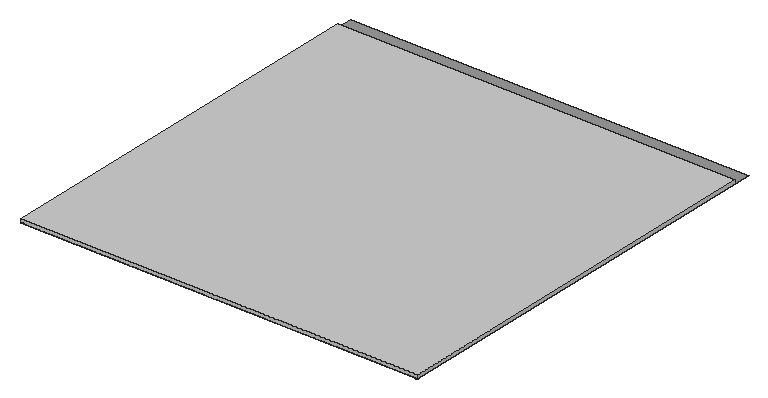
Revit family "SURE-BOARD-SERIES200S-P", category Generic Models, host Face, Revit 2026
Family settings
  Host = Face
  Can host rebar = No
  Round Connector Dimension = Use Diameter
  Part Type = Normal
  Cut with Voids When Loaded = No
  Maintain Annotation Orientation = No
  Shared = No
  Room Calculation Point = No
Parameters (values of type "200S-P")
  Width = 4' - 0"
  URL = "http://www.cemcosteel.com/steel-framing/sureboard-shear/sure-board%C2%AE-series-200s-r-roofs"
  SteelSheetThickness = 0' - 0 1/32"
  Product Submittal Link = "https://cemcosteel.com/app/uploads/2020/03/Sure_Board-Series-200S_P.pdf"
  Product Info = "Sure-Board® Series 200S-P Sheathing for Pitched Roofs"
  Overlap = 0' - 2"
  Manufacturer = "California  Expanded Metal Lath Products Co. (CEMCO)"
  Keynote = "054000"
  Height = 4' - 0"
  FCSheathingThickness = 0' - 0 7/16"
  Description = "Sure-Board® Series 200S-P for Pitched Roofs"
  Default Elevation = 4' - 0"
  Assembly Code = "B1010220"
Reference planes (in)
  plane 1 "Center (Front/Back)": y = 0
  plane 2: z = 0
  plane 3 "Center (Left/Right)": x = 0
  plane 4: z = 0.03125
  plane 5: z = 0.46875
  plane 6: x = -48
  plane 7: y = 48
  plane 8: y = 50
Forms (in)
  Extrusion 1, solid, material "Metal"
    sketch origin (0, 0, 0) x (1, 0, 0) y (0, 1, 0)
      loop
        line (-48, 50) -> (-48, 0) -> (0, 0) -> (0, 50) -> (-48, 50)
    from 0 to 0.03125
  Extrusion 2, solid, material "FiberCement"
    sketch origin (0, 0, 0) x (1, 0, 0) y (0, 1, 0)
      loop
        line (-48, 48) -> (-48, 0) -> (0, 0) -> (0, 48) -> (-48, 48)
    from 0.03125 to 0.46875
Dimensions and locks (in)
  "SteelSheetThickness": plane 4 to level
  "FCSheathingThickness": plane 5 to plane 4
  "Height": plane 1 "Center (Front/Back)" to plane 7
  "Width": plane 6 to plane 3 "Center (Left/Right)"
  "Overlap": plane 8 to plane 7
  aligned and locked: plane 2 to host face
  aligned and locked: level to host face
  aligned and locked: Extrusion 1 sketch curve to plane 3 "Center (Left/Right)"
  aligned and locked: Extrusion 1 sketch curve to plane 1 "Center (Front/Back)"
  aligned and locked: plane 4 to Extrusion 1
  aligned and locked: Extrusion 2 to Extrusion 1
  aligned and locked: plane 5 to Extrusion 2
  aligned and locked: Extrusion 1 to plane 6
  aligned and locked: Extrusion 2 to plane 6
  aligned and locked: plane 3 "Center (Left/Right)" to Extrusion 2
  aligned and locked: plane 1 "Center (Front/Back)" to Extrusion 2
  aligned and locked: plane 8 to Extrusion 1
  aligned and locked: plane 7 to Extrusion 2
Automatic sketch dimensions
  host sketch curve to host sketch curve = 8' - 5.46534"
  host sketch curve to host sketch curve = 8' - 0.76118"
  Extrusion 1 sketch curve to plane 3 "Center (Left/Right)" = 4' - 0"
  Extrusion 1 sketch curve to plane 1 "Center (Front/Back)" = 4' - 2"
  Extrusion 2 sketch curve to plane 3 "Center (Left/Right)" = 4' - 0"
  Extrusion 2 sketch curve to plane 1 "Center (Front/Back)" = 0' - 0"
  Extrusion 2 sketch curve to Extrusion 2 sketch curve = 4' - 0"  (x2)
